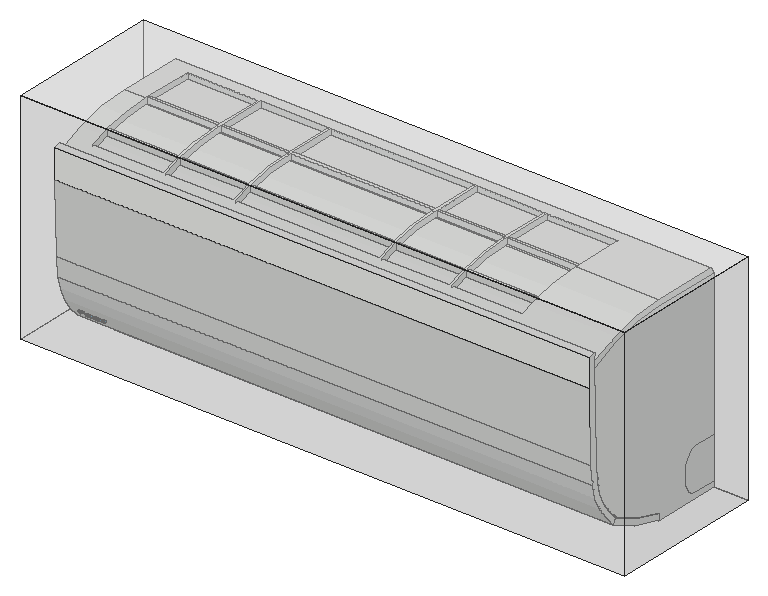
Revit family "outputfile", category 機械設備, Revit 2024
Family settings
  丸型コネクタ寸法 = 半径を使用
  パーツ タイプ = 標準
  OmniClass 番号 = 23.75.10.24.21.27.27
  OmniClass タイトル = Split System Air Conditioning Units
  作業面ベース = いいえ
  常に垂直 = はい
  ロード時にボイドで切り取り = いいえ
  注釈の向きを維持 = いいえ
  共有 = いいえ
  部屋計算ポイント = いいえ
Parameters (values of type "FTXF35WVMA")
  Description = ""
  書き出し IFC クラス(タイプ) = "IfcUnitaryEquipmentType"
  定義済み IFC タイプ(タイプ) = "AIRCONDITIONINGUNIT"
  Cost = 0
  Type Comments = ""
  Keynote = ""
  Type Image = (empty or 0)
  Assembly Code = ""
  w_wall hole = if(Width = 770.0 mm, 48.0 mm, 60.0 mm)  # 48.0 mm
  製造元 = "Daikin"
  モデル = "FTXF35WVMA"
  switch_frequency = yes
  r_Liquid Pipe Size = Liquid Pipe Size / 2  # 3.2 mm
  r_Gas Pipe Size = Gas Pipe Size / 2  # 4.75 mm
  r_Drain Pipe Size = Drain Pipe Size / 2  # 8.0 mm
  lw_powersupply [instance] = if(Width = 770.0 mm, if(or(Rear Right Connection_refrigerant, Bottom Right Connection_refrigerant), 25.0 mm, if(or(Rear Left Connection_refrigerant, Bottom Left Connection_refrigerant), 745.0 mm, 400.0 mm)), if(Width = 990.0 mm, if(or(Rear Right Connection_refrigerant, Bottom Right Connection_refrigerant), 40.0 mm, if(or(Rear Left Connection_refrigerant, Bottom Left Connection_refrigerant), 920.0 mm, 400.0 mm)), if(or(Rear Right Connection_refrigerant, Bottom Right Connection_refrigerant), 40.0 mm, if(or(Rear Left Connection_refrigerant, Bottom Left Connection_refrigerant), 920.0 mm, 400.0 mm))))  # 400.0 mm
  lw_liquidpipe [instance] = if(Width = 770.0 mm, if(or(Rear Right Connection_refrigerant, Bottom Right Connection_refrigerant), 0.0 mm, if(or(Rear Left Connection_refrigerant, Bottom Left Connection_refrigerant), 664.0 mm, 385.0 mm)), if(Width = 990.0 mm, if(or(Rear Right Connection_refrigerant, Bottom Right Connection_refrigerant), 0.0 mm, if(or(Rear Left Connection_refrigerant, Bottom Left Connection_refrigerant), 664.0 mm + (990.0 mm - 770.0 mm), 475.0 mm)), if(or(Rear Right Connection_refrigerant, Bottom Right Connection_refrigerant), 0.0 mm, if(or(Rear Left Connection_refrigerant, Bottom Left Connection_refrigerant), 664.0 mm + (990.0 mm - 770.0 mm), 475.0 mm))))  # 385.0 mm
  lw_gaspipe [instance] = if(Width = 770.0 mm, if(or(Rear Right Connection_refrigerant, Bottom Right Connection_refrigerant), 0.0 mm, if(or(Rear Left Connection_refrigerant, Bottom Left Connection_refrigerant), 675.0 mm, if(Gas Pipe Size = 12.7 mm, 335.0 mm, 335.0 mm))), if(Width = 990.0 mm, if(or(Rear Right Connection_refrigerant, Bottom Right Connection_refrigerant), 10.0 mm, if(or(Rear Left Connection_refrigerant, Bottom Left Connection_refrigerant), 890.0 mm, if(Gas Pipe Size = 15.9 mm, 400.0 mm, 400.0 mm))), if(or(Rear Right Connection_refrigerant, Bottom Right Connection_refrigerant), 10.0 mm, if(or(Rear Left Connection_refrigerant, Bottom Left Connection_refrigerant), 890.0 mm, if(Gas Pipe Size = 15.9 mm, 400.0 mm, 400.0 mm)))))  # 335.0 mm
  lw_drainpipe [instance] = if(Width = 770.0 mm, if(or(Rear Right Connection_refrigerant, Bottom Right Connection_refrigerant), 0.0 mm, if(or(Rear Left Connection_refrigerant, Bottom Left Connection_refrigerant), 770.0 mm - 48.0 mm - 48.0 mm, 440.0 mm)), if(Width = 990.0 mm, if(or(Rear Right Connection_refrigerant, Bottom Right Connection_refrigerant), 0.0 mm, if(or(Rear Left Connection_refrigerant, Bottom Left Connection_refrigerant), 675.0 mm + (990.0 mm - 770.0 mm), 435.0 mm)), if(or(Rear Right Connection_refrigerant, Bottom Right Connection_refrigerant), 0.0 mm, if(or(Rear Left Connection_refrigerant, Bottom Left Connection_refrigerant), 675.0 mm + (990.0 mm - 770.0 mm), 435.0 mm))))  # 440.0 mm
  l_powersupply_length [instance] = if(Width = 770.0 mm, if(Right Connection_refrigerant, 400.0 mm, if(Left Connection_refrigerant, 770.0 mm - 400.0 mm, if(or(Rear Left Connection_refrigerant, Rear Right Connection_refrigerant), 15.0 mm, 50.0 mm))), if(Width = 990.0 mm, if(Right Connection_refrigerant, 400.0 mm, if(Left Connection_refrigerant, 990.0 mm - 400.0 mm, if(or(Rear Left Connection_refrigerant, Rear Right Connection_refrigerant), 15.0 mm, 50.0 mm))), if(Right Connection_refrigerant, 400.0 mm, if(Left Connection_refrigerant, 990.0 mm - 400.0 mm, if(or(Rear Left Connection_refrigerant, Rear Right Connection_refrigerant), 15.0 mm, 50.0 mm)))))  # 400.0 mm
  l_liquidpipe_length [instance] = if(Width = 770.0 mm, if(Right Connection_refrigerant, 433.0 mm, if(Left Connection_refrigerant, 337.0 mm, if(or(Rear Left Connection_refrigerant, Rear Right Connection_refrigerant), 30.0 mm, 40.0 mm))), if(Width = 990.0 mm, if(Right Connection_refrigerant, 535.0 mm, if(Left Connection_refrigerant, 455.0 mm, if(or(Rear Left Connection_refrigerant, Rear Right Connection_refrigerant), 30.0 mm, 40.0 mm))), if(Right Connection_refrigerant, 535.0 mm, if(Left Connection_refrigerant, 455.0 mm, if(or(Rear Left Connection_refrigerant, Rear Right Connection_refrigerant), 30.0 mm, 40.0 mm)))))  # 433.0 mm
  l_gaspipe_length [instance] = if(Width = 770.0 mm, if(Right Connection_refrigerant, if(Gas Pipe Size = 12.7 mm, 383.0 mm, 383.0 mm), if(Left Connection_refrigerant, if(Gas Pipe Size = 12.7 mm, 770.0 mm - 383.0 mm, 770.0 mm - 383.0 mm), if(or(Rear Left Connection_refrigerant, Rear Right Connection_refrigerant), 40.0 mm, 50.0 mm))), if(Width = 990.0 mm, if(Right Connection_refrigerant, if(Gas Pipe Size = 15.9 mm, 460.0 mm, 460.0 mm), if(Left Connection_refrigerant, if(Gas Pipe Size = 15.9 mm, 990.0 mm - 460.0 mm, 990.0 mm - 460.0 mm), if(or(Rear Left Connection_refrigerant, Rear Right Connection_refrigerant), 40.0 mm, 50.0 mm))), if(Right Connection_refrigerant, if(Gas Pipe Size = 15.9 mm, 460.0 mm, 460.0 mm), if(Left Connection_refrigerant, if(Gas Pipe Size = 15.9 mm, 990.0 mm - 460.0 mm, 990.0 mm - 460.0 mm), if(or(Rear Left Connection_refrigerant, Rear Right Connection_refrigerant), 40.0 mm, 50.0 mm)))))  # 383.0 mm
  l_drainpipe_length [instance] = if(Width = 770.0 mm, if(Right Connection_refrigerant, 488.0 mm, if(Left Connection_refrigerant, 282.0 mm, if(or(Rear Left Connection_refrigerant, Rear Right Connection_refrigerant), 15.0 mm, 20.0 mm))), if(Width = 990.0 mm, if(Right Connection_refrigerant, 495.0 mm, if(Left Connection_refrigerant, 495.0 mm, if(or(Rear Left Connection_refrigerant, Rear Right Connection_refrigerant), 15.0 mm, 20.0 mm))), if(Right Connection_refrigerant, 495.0 mm, if(Left Connection_refrigerant, 495.0 mm, if(or(Rear Left Connection_refrigerant, Rear Right Connection_refrigerant), 15.0 mm, 20.0 mm)))))  # 488.0 mm
  h*** = 0.0 mm  # constant formula
  connector_voltage = Voltage_50Hz  # 230 V
  connector_powerinput = if([Power Input (Cooling)] > [Power Input (Heating)], [Power Input (Cooling)], [Power Input (Heating)])  # 0.000 kW
  connector_phase = Phase_50Hz  # 1
  angle_vertical [instance] = if(or(Bottom Left Connection_refrigerant, Bottom Right Connection_refrigerant), 0.00°, 90.00°)  # 90.00°
  angle_horizontal [instance] = if(Right Connection_refrigerant, 90.00°, if(Left Connection_refrigerant, -90.00°, if(or(Rear Left Connection_refrigerant, Rear Right Connection_refrigerant), 180.00°, 0.00°)))  # 90.00°
  Width = 770.0 mm
  Voltage_comment_50Hz = "220 - 240"
  Voltage_50Hz = 230 V
  Version = "ver.1.0"
  Unit Type = "Wall Mounted"
  Unit Mass Weight = 9.00 kg
  Unit Designation [instance] = ""
  Uniclass2015Version = "Products v1.30"
  Uniclass2015Title = "Split coil room air conditioning units"
  Uniclass2015Code = "Pr_70_65_03_86"
  URL = ""
  Total Heating Capacity [instance] = 0.000 kW
  Total Cooling Capacity [instance] = 0.000 kW
  Sound Pressure Level_M speed (dBA) = 35
  Sound Pressure Level_L speed (dBA) = 28
  Sound Pressure Level_H speed (dBA) = 42
  Sound Power Level_H speed (dB) = 0
  Series = "Single Split_Fan Coil Unit"
  Sensible Cooling Capacity [instance] = 0.000 kW
  Refrigerant Type = "R32"
  Power Input (Heating) = 0.000 kW
  Power Input (Cooling) = 0.000 kW
  Phase_50Hz = 1
  Option Accessory 3 [instance] = ""
  Option Accessory 2 [instance] = ""
  Option Accessory 1 [instance] = ""
  Nominal Heating Capacity = 3.700 kW
  Nominal Cooling Capacity = 3.500 kW
  Minimum Circuit Amps_50Hz = 0.0 A
  Minimum Airflow = 342.00 m³/h
  Median Airflow = 456.00 m³/h
  Maximum Fuse Amps_50Hz = 0.0 A
  Maximum Airflow = 624.00 m³/h
  Material_Casing = DAIKIN_PureWhite_Casing_indoorunit
  Load Classification = HVAC
  Liquid Pipe Size = 6.4 mm
  Link_Nested Family [instance] = ""
  IfcVersion = ""
  IfcExportType = "AIRCONDITIONINGUNIT"
  IfcExportAs = "IfcUnitaryEquipmentType"
  Height = 285.0 mm
  Heating Entering Wet Bulb Temperature [instance] = 0.00 °C
  Heating Entering Dry Bulb Temperature [instance] = 0.00 °C
  Heating Ambient Wet Bulb Temperature [instance] = 0.00 °C
  Heating Ambient Dry Bulb Temperature [instance] = 0.00 °C
  Heat Exchanger Type = "Cross Fin Coil"
  Gas Pipe Size = 9.5 mm
  Frequency_50Hz = 50 Hz
  Fan Type = "Cross Flow Fan"
  Fan Drive = "Direct Drive"
  FCU Tag No. [instance] = ""
  Drain Pipe Size = 16.0 mm
  Design Supply Airflow [instance] = 0.00 m³/h
  Depth = 223.0 mm
  既定の高さ = 0.0 mm
  Cooling Entering Wet Bulb Temperature [instance] = 0.00 °C
  Cooling Entering Dry Bulb Temperature [instance] = 0.00 °C
  Cooling Ambient Wet Bulb Temperature [instance] = 0.00 °C
  Cooling Ambient Dry Bulb Temperature [instance] = 0.00 °C
  Clearance visibility [instance] = yes
  Clearance Top = 30.0 mm
  Clearance Right = 50.0 mm
  Clearance Rear = 0.0 mm
  Clearance Left = 50.0 mm
  Clearance Front = 0.0 mm
  Clearance Bottom = 0.0 mm
  Bottom Right Connection_refrigerant [instance] = no
  Bottom Left Connection_refrigerant [instance] = no
  Rear Right Connection_refrigerant [instance] = no
  Rear Left Connection_refrigerant [instance] = no
  Right Connection_refrigerant [instance] = yes
  Left Connection_refrigerant [instance] = no
Reference planes
  plane 1 "Back": y = 0
  plane 2: z = 0
  plane 3 "Center (Left/Right)": x = 0
  plane 4 "Center (Front/Back)": y = -111.5
  plane 5 "Front": y = -223
  plane 6 "Left": x = -385
  plane 7 "Right": x = 385
  plane 8 "Top": z = 0
  plane 9 "Bottom": z = -285
  plane 10: x = -435
  plane 11: x = 435
  plane 12: y = 0
  plane 13: y = -223
  plane 14: z = 30
  plane 15: z = -285
  plane 16 "lw_Piping and Wiring intake": x = 337
  plane 17 "lw_gaspipe": x = 2
  plane 18 "lw_liquidpipe": x = -48
  plane 19 "lw_drainpipe": x = -103
  plane 20 "lh_drainpipe": z = -265
  plane 21 "lh_liquidpipe": z = -245
  plane 22 "lh_gaspipe": z = -235
  plane 23 "ld_drainpipe": y = -15
  plane 24 "ld_liquidpipe": y = -30
  plane 25 "ld_gaspipe": y = -40
  plane 26 "lw_powersupply": x = -15
Dimensions and locks
  equal spacing: plane 6 "Left", plane 3 "Center (Left/Right)", plane 7 "Right"
  "Width": plane 6 "Left" to plane 7 "Right"
  equal spacing: plane 5 "Front", plane 4 "Center (Front/Back)", plane 1 "Back"
  "Depth": plane 5 "Front" to plane 1 "Back"
  "Height": plane 8 "Top" to plane 9 "Bottom"
  "Clearance Rear": plane 12 to plane 1 "Back"
  "Clearance Front": plane 13 to plane 5 "Front"
  "Clearance Top": plane 14 to plane 8 "Top"
  "Clearance Bottom": plane 9 "Bottom" to plane 15
  "w_wall hole": plane 16 "lw_Piping and Wiring intake" to plane 7 "Right"
  "lw_gaspipe": plane 17 "lw_gaspipe" to plane 16 "lw_Piping and Wiring intake"
  "lw_liquidpipe": plane 18 "lw_liquidpipe" to plane 16 "lw_Piping and Wiring intake"
  "lw_drainpipe": plane 19 "lw_drainpipe" to plane 16 "lw_Piping and Wiring intake"
  locked: plane 20 "lh_drainpipe" to plane 9 "Bottom" at 20
  locked: plane 21 "lh_liquidpipe" to plane 9 "Bottom" at 40
  locked: plane 22 "lh_gaspipe" to plane 9 "Bottom" at 50
  locked: plane 23 "ld_drainpipe" to plane 1 "Back" at 15
  locked: plane 1 "Back" to plane 24 "ld_liquidpipe" at 30
  locked: plane 1 "Back" to plane 25 "ld_gaspipe" at 40
  "lw_powersupply": plane 26 "lw_powersupply" to plane 7 "Right"
  "Clearance Left": plane 10 to plane 6 "Left"
  "Clearance Right": plane 7 "Right" to plane 11
  aligned and locked: level to plane 2
  aligned and locked: plane 12 to nested 1
  aligned and locked: nested 1 to plane 13
  aligned and locked: plane 10 to nested 1
  aligned and locked: plane 11 to nested 1
  aligned and locked: plane 15 to nested 1
  aligned and locked: plane 14 to nested 1
  aligned and locked: plane 17 "lw_gaspipe" to nested 2
  aligned and locked: nested 2 to plane 25 "ld_gaspipe"
  aligned and locked: plane 18 "lw_liquidpipe" to nested 3
  aligned and locked: nested 3 to plane 24 "ld_liquidpipe"
  aligned and locked: plane 19 "lw_drainpipe" to nested 4
  aligned and locked: nested 4 to plane 23 "ld_drainpipe"
  aligned and locked: nested 5 to plane 23 "ld_drainpipe"
  aligned and locked: plane 26 "lw_powersupply" to nested 5
  aligned and locked: level to plane 8 "Top"
  aligned and locked: plane 3 "Center (Left/Right)" to nested 6
  aligned and locked: plane 1 "Back" to nested 6
  aligned and locked: plane 8 "Top" to nested 6
Nested families
  nested 1: "daikin_clearancespace" at (0, -111.5, -127.381), show <- "Clearance visibility", visible <- "Clearance visibility", Link_Nested Family <- "Link_Nested Family", type "daikin_clearancespace"
    with width 870.0 mm, show yes, height 315.0 mm, depth 223.0 mm, Link_Nested Family ""
  nested 2: "daikin_connector_rotate3" at (2, -40, -235), angle_vertical <- "angle_vertical", angle_horizontal <- "angle_horizontal", length <- "l_gaspipe_length", radius <- "r_Gas Pipe Size", type "daikin_connector_rotate3"
    with show no, radius 4.75 mm, length 383.0 mm, angle_vertical 90.00°, angle_horizontal 90.00°
  nested 3: "daikin_connector_rotate3" at (-48, -30, -245), angle_vertical <- "angle_vertical", angle_horizontal <- "angle_horizontal", radius <- "r_Liquid Pipe Size", length <- "l_liquidpipe_length", type "daikin_connector_rotate3"
    with show no, radius 3.2 mm, length 433.0 mm, angle_vertical 90.00°, angle_horizontal 90.00°
  nested 4: "daikin_connector_rotate3" at (-103, -15, -265), angle_vertical <- "angle_vertical", angle_horizontal <- "angle_horizontal", length <- "l_drainpipe_length", radius <- "r_Drain Pipe Size", type "daikin_connector_rotate3"
    with show no, radius 8.0 mm, length 488.0 mm, angle_vertical 90.00°, angle_horizontal 90.00°
  nested 5: "daikin_connector_rotate3" at (-15, -15, -235), angle_vertical <- "angle_vertical", angle_horizontal <- "angle_horizontal", length <- "l_powersupply_length", type "daikin_connector_rotate3"
    with show no, radius 10.0 mm, length 400.0 mm, angle_vertical 90.00°, angle_horizontal 90.00°
  nested 6: "DAIKIN_indoorunit_FTXF-WVMA" at (-31, 0, 0), type "FTXF-WVMA"
Connectors
  piping at (385, -40, -235), diameter 9.5, driven by "r_Gas Pipe Size"
    settings: on nested 2, index 1, connector inside diameter 609.6 mm, connector length 0.0 mm, flow factor 0, pipe flow 0.00 m³/h, pressure drop 0.0 Pa, fitting loss kfactor 0, connector angle 0.00°, fixture units 0, engagement length 0.0 mm, angle of deflection 0.00°, flow configuration 1, flow direction 2, fitting loss method 0, system type 29, joint type 0, gender type 0, connector reference index -1, connector utility 0, adjustable connector no, is connector primary yes, connector description "Refrigerant Gas Piping"
  piping at (385, -30, -245), diameter 6.4, driven by "r_Liquid Pipe Size"
    settings: on nested 3, index 2, connector inside diameter 609.6 mm, connector length 0.0 mm, flow factor 0, pipe flow 0.00 m³/h, pressure drop 0.0 Pa, fitting loss kfactor 0, connector angle 0.00°, fixture units 0, engagement length 0.0 mm, angle of deflection 0.00°, flow configuration 1, flow direction 1, fitting loss method 0, system type 29, joint type 0, gender type 0, connector reference index -1, connector utility 0, adjustable connector no, is connector primary no, connector description "Refrigerant Liquid Piping"
  piping at (385, -15, -265), diameter 16, driven by "r_Drain Pipe Size"
    settings: on nested 4, index 3, connector inside diameter 609.6 mm, connector length 0.0 mm, flow factor 0, pipe flow 0.00 m³/h, pressure drop 0.0 Pa, fitting loss kfactor 0, connector angle 0.00°, fixture units 0, engagement length 0.0 mm, angle of deflection 0.00°, flow configuration 1, flow direction 2, fitting loss method 4, system type 16, joint type 0, gender type 0, connector reference index -1, connector utility 0, adjustable connector no, is connector primary no, connector description "Condensate Drain Piping"
  electrical at (385, -15, -235), driven by "Load Classification", driven by "connector_voltage", driven by "connector_powerinput", driven by "connector_phase"
    settings: on nested 5, index 4, voltage 230 V, apparent load 0 VA, apparent load phase1 0 VA, apparent load phase2 0 VA, apparent load phase3 0 VA, power factor 1, load classification "HVAC", number of poles 1, system type 30, power factor state 1, is connector primary yes, connector utility no, sub classification motor no, connector description "Power Supply"
Definition of nested family "daikin_clearancespace"
  Parameters (values of type "daikin_clearancespace")
    Description = "daikin_clearancespace"
    width [instance] = 1823.963 mm
    show [instance] = yes
    material = none
    height [instance] = 1359.762 mm
    depth [instance] = 880.0 mm
    Default Elevation = 0.0 mm
    Link_Nested Family [instance] = ""
  Reference planes
    plane 1 "Center (Front/Back)": y = 0
    plane 2 "Center (Elevation)": z = -0.119
    plane 3 "Center (Left/Right)": x = 0
    plane 4: y = 440
    plane 5: y = -440
    plane 6 "Right": x = 911.982
    plane 7 "Left": x = -911.982
    plane 8 "Top": z = 679.762
    plane 9 "Bottom": z = -680
  Forms (mm)
    Extrusion 1, solid, material <- "material", visible <- "show"
      sketch origin (0, 0, 0) x (1, 0, 0) y (0, 1, 0)
        loop
          line (-911.982, 440) -> (-911.982, -440) -> (911.982, -440) -> (911.982, 440) -> (-911.982, 440)
      from -680 to 679.762
  Lines and regions (mm)
    symbolic lines, visible <- "show"
      curve 1: line (911.982, 440, 0) -> (-911.982, 440, 0)
      curve 2: line (-911.982, 440, 0) -> (-911.982, -440, 0)
      curve 3: line (-911.982, -440, 0) -> (911.982, -440, 0)
      curve 4: line (911.982, -440, 0) -> (911.982, 440, 0)
      curve 5: line (911.982, 0, 679.762) -> (-911.982, 0, 679.762)
      curve 6: line (911.982, 0, -680) -> (911.982, 0, 679.762)
      curve 7: line (-911.982, 0, -680) -> (911.982, 0, -680)
      curve 8: line (-911.982, 0, 679.762) -> (-911.982, 0, -680)
      curve 9: line (0, 440, 679.762) -> (0, -440, 679.762)
      curve 10: line (0, -440, 679.762) -> (0, -440, -680)
      curve 11: line (0, 440, -680) -> (0, 440, 679.762)
      curve 12: line (0, -440, -680) -> (0, 440, -680)
  Dimensions and locks
    "width": plane 7 "Left" to plane 6 "Right"
    "depth": plane 4 to plane 5
    "height": plane 8 "Top" to plane 9 "Bottom"
    equal spacing: plane 7 "Left", plane 3 "Center (Left/Right)", plane 6 "Right"
    equal spacing: plane 4, plane 1 "Center (Front/Back)", plane 5
    equal spacing: plane 8 "Top", plane 2 "Center (Elevation)", plane 9 "Bottom"
    aligned and locked: level to plane 2 "Center (Elevation)"
    aligned and locked: Extrusion 1 sketch curve to plane 4
    aligned and locked: plane 7 "Left" to Extrusion 1 sketch curve
    aligned and locked: Extrusion 1 sketch curve to plane 5
    aligned and locked: Extrusion 1 sketch curve to plane 6 "Right"
    aligned and locked: plane 8 "Top" to Extrusion 1
    aligned and locked: curve 1 to Extrusion 1
    aligned and locked: curve 2 to Extrusion 1
    aligned and locked: curve 3 to Extrusion 1
    aligned and locked: curve 4 to Extrusion 1
    aligned and locked: curve 5 to Extrusion 1
    aligned and locked: curve 6 to Extrusion 1
    aligned and locked: curve 7 to Extrusion 1
    aligned and locked: curve 8 to Extrusion 1
    aligned and locked: curve 9 to Extrusion 1
    aligned and locked: curve 10 to Extrusion 1
    aligned and locked: curve 11 to Extrusion 1
    aligned and locked: curve 12 to Extrusion 1
    aligned and locked: Extrusion 1 to plane 9 "Bottom"
Definition of nested family "DAIKIN_indoorunit_FTXF-WVMA"
  Parameters (values of type "FTKF-TVMA")
    switch_unit1_60-71 = Width = 990.0 mm  # no
    switch_unit1_20-50 = Width = 770.0 mm  # yes
    Width = 770.0 mm
    WALL HOLE-R = if(Width = 770.0 mm, 48.0 mm, 60.0 mm)  # 48.0 mm
    WALL HOLE Size = if(Width = 770.0 mm, 65.0 mm, 80.0 mm)  # 65.0 mm
    Material_Casing = none
    Height = if(Width = 770.0 mm, 285.0 mm, 295.0 mm)  # 285.0 mm
    Default Elevation = 0.0 mm
  Reference planes
    plane 1 "Center (Front/Back)": y = 0
    plane 2 "reference_level": z = 0
    plane 3 "Center (Left/Right)": x = 31
    plane 4: x = -354
    plane 5: x = 416
    plane 6: z = -285
  Forms (mm)
    Extrusion 1, solid, material <- "Material_Casing", visible <- "switch_unit1_20-50"
      sketch origin (29, 0, 0) x (0, 1, 0) y (0, 0, 1)
        loop
          line (-5, 0) -> (-98, 0)
          arc (-98, 0) -> (-157.611, -7.211) -> (-213.783, -28.427) r 250
          arc (-213.783, -28.427) -> (-213.842, -32.972) -> (-213.892, -37.516) r 2191
          arc (-213.892, -37.516) -> (-157.832, -15.495) -> (-98.07, -8) r 242
          line (-98.07, -8) -> (0, -8) -> (-5, 0)
      from -383 to 387
    Extrusion 2, solid, material <- "Material_Casing", visible <- "switch_unit1_20-50"
      sketch origin (416, 1296.25, 1200) x (0, 1, 0) y (0, 0, 1)
        loop
          line (-1472.998, -1446.91) -> (-1476.998, -1453.839)
          arc (-1476.998, -1453.839) -> (-1437.481, -1472.422) -> (-1395.25, -1483.538) r 240
          line (-1395.25, -1483.538) -> (-1395.25, -1475.422)
          arc (-1395.25, -1475.422) -> (-1435.407, -1464.663) -> (-1472.998, -1446.91) r 232
      from 0 to -47.5
    Extrusion 3, solid, material <- "Material_Casing", visible <- "switch_unit1_20-50"
      sketch origin (29, 0, 0) x (0, 1, 0) y (0, 0, 1)
        loop
          arc (-223, -60.455) -> (-222.414, -110.646) -> (-220.656, -160.81) r 2149.92
          arc (-220.656, -160.81) -> (-219.65, -174.299) -> (-217.853, -187.706) r 229.911
          arc (-217.853, -187.706) -> (-205.371, -223.594) -> (-181.517, -253.17) r 111
          line (-181.517, -253.17) -> (-177.429, -246.093)
          arc (-177.429, -246.093) -> (-198.77, -218.989) -> (-209.965, -186.36) r 103
          arc (-209.965, -186.36) -> (-211.681, -173.586) -> (-212.651, -160.735) r 221.844
          arc (-212.651, -160.735) -> (-214.739, -93.233) -> (-214.74, -25.699) r 2186.828
          arc (-214.74, -25.699) -> (-214.671, -21.467) -> (-214.594, -17.235) r 2192
          line (-214.594, -17.235) -> (-223, -19.961) -> (-223, -60.455)
      from -383 to 387
    Extrusion 4, solid, material <- "Material_Casing", visible <- "switch_unit1_20-50"
      sketch origin (29, 0, -20) x (0, 1, 0) y (0, 0, 1)
        loop
          line (0, -265) -> (0, 12) -> (-98.07, 12)
          arc (-98.07, 12) -> (-157.832, 4.505) -> (-213.892, -17.516) r 242
          arc (-213.892, -17.516) -> (-213.638, -79.114) -> (-211.653, -140.681) r 2191
          arc (-211.653, -140.681) -> (-210.685, -153.501) -> (-208.973, -166.243) r 221
          arc (-208.973, -166.243) -> (-197.471, -199.282) -> (-175.482, -226.491) r 102
          arc (-175.482, -226.491) -> (-138.004, -244.019) -> (-98, -254.579) r 231
          line (-98, -254.579) -> (-98, -265) -> (0, -265)
      from -383 to 387
    Extrusion 5, solid, material <- "Material_Casing", visible <- "switch_unit1_20-50"
      sketch origin (-354, 1296.25, 1200) x (0, 1, 0) y (0, 0, 1)
        loop
          line (-1472.998, -1446.91) -> (-1476.998, -1453.839)
          arc (-1476.998, -1453.839) -> (-1437.481, -1472.422) -> (-1395.25, -1483.538) r 240
          line (-1395.25, -1483.538) -> (-1395.25, -1475.422)
          arc (-1395.25, -1475.422) -> (-1435.407, -1464.663) -> (-1472.998, -1446.91) r 232
      from 47 to 0
    Extrusion 6, solid, material <- "Material_Casing", visible <- "switch_unit1_20-50"
      sketch origin (416, 1296.25, 1200) x (0, 1, 0) y (0, 0, 1)
        loop
          line (-1472.998, -1446.91) -> (-1476.998, -1453.839)
          arc (-1476.998, -1453.839) -> (-1443.437, -1470.168) -> (-1407.75, -1481.097) r 240
          line (-1407.75, -1481.097) -> (-1407.75, -1472.894)
          arc (-1407.75, -1472.894) -> (-1441.363, -1462.385) -> (-1472.998, -1446.91) r 232
      from -116.993 to -48.493
    Extrusion 7, solid, material <- "Material_Casing", visible <- "switch_unit1_20-50"
      sketch origin (416, 1296.25, 1200) x (0, 1, 0) y (0, 0, 1)
        loop
          line (-1472.998, -1446.91) -> (-1476.998, -1453.839)
          arc (-1476.998, -1453.839) -> (-1443.437, -1470.168) -> (-1407.75, -1481.097) r 240
          line (-1407.75, -1481.097) -> (-1407.75, -1472.894)
          arc (-1407.75, -1472.894) -> (-1441.363, -1462.385) -> (-1472.998, -1446.91) r 232
      from -717 to -121.993
    Extrusion 8, void
      sketch origin (31, 0, -235) x (1, 0, 0) y (0, 1, 0)
        loop
          line (-252.674, -22.316) -> (-354.941, -22.316) -> (-354.941, -91.341) -> (-252.674, -91.341) -> (-252.674, -22.316)
        loop
          line (-249.341, -91.341) -> (-151.574, -91.341) -> (-151.574, -22.316) -> (-249.341, -22.316) -> (-249.341, -91.341)
        loop
          line (58.309, -22.316) -> (-148.309, -22.316) -> (-148.309, -91.341) -> (58.309, -91.341) -> (58.309, -22.316)
        loop
          line (61.689, -22.316) -> (61.689, -91.341) -> (159.457, -91.341) -> (159.457, -22.316) -> (61.689, -22.316)
        loop
          line (162.789, -22.316) -> (162.789, -91.341) -> (265.057, -91.341) -> (265.057, -22.316) -> (162.789, -22.316)
        loop
          line (-354.941, -94.659) -> (-354.941, -165.259) -> (-252.674, -165.259) -> (-252.674, -94.659) -> (-354.941, -94.659)
        loop
          line (-249.341, -94.659) -> (-249.341, -165.259) -> (-151.574, -165.259) -> (-151.574, -94.659) -> (-249.341, -94.659)
        loop
          line (-148.309, -94.659) -> (-148.309, -165.259) -> (58.309, -165.259) -> (58.309, -94.659) -> (-148.309, -94.659)
        loop
          line (61.689, -94.659) -> (61.689, -165.259) -> (159.457, -165.259) -> (159.457, -94.659) -> (61.689, -94.659)
        loop
          line (162.789, -94.659) -> (162.789, -165.259) -> (265.057, -165.259) -> (265.057, -94.659) -> (162.789, -94.659)
        loop
          line (-354.941, -167.382) -> (-354.941, -192.681) -> (-252.674, -192.681) -> (-252.674, -167.382) -> (-354.941, -167.382)
        loop
          line (-249.341, -167.382) -> (-249.341, -192.681) -> (-151.574, -192.681) -> (-151.574, -167.382) -> (-249.341, -167.382)
        loop
          line (-148.309, -167.382) -> (-148.309, -192.681) -> (58.309, -192.681) -> (58.309, -167.382) -> (-148.309, -167.382)
        loop
          line (159.457, -167.382) -> (61.689, -167.382) -> (61.689, -192.681) -> (159.457, -192.681) -> (159.457, -167.382)
        loop
          line (265.057, -167.382) -> (162.789, -167.382) -> (162.789, -192.681) -> (265.057, -192.681) -> (265.057, -167.382)
      from 201.638 to 250
    Extrusion 9, solid, material <- "Material_Casing"
      sketch origin (31, 0, 0) x (1, 0, 0) y (0, 0, 1)
        loop
          circle (337, -240.5) r 32.5
        loop
          circle (-337, -240.5) r 32.5
      from 0 to 5
    Extrusion 10, solid, material <- "Material_Casing", visible <- "switch_unit1_20-50"
      sketch origin (416, 1296.25, 1200) x (0, -1, 0) y (0, 0, 1)
        loop
          line (1326.25, -1417) -> (1296.25, -1417) -> (1296.25, -1477) -> (1326.25, -1477)
          arc (1326.25, -1477) -> (1340.393, -1471.142) -> (1346.25, -1457) r 20
          line (1346.25, -1457) -> (1346.25, -1437)
          arc (1346.25, -1437) -> (1340.393, -1422.858) -> (1326.25, -1417) r 20
      from 0 to 5
    Extrusion 11, solid, material <- "Material_Casing", visible <- "switch_unit1_20-50"
      sketch origin (-354, 1296.25, 1200) x (0, 1, 0) y (0, 0, 1)
        loop
          line (-1296.25, -1417) -> (-1326.25, -1417)
          arc (-1326.25, -1417) -> (-1340.393, -1422.858) -> (-1346.25, -1437) r 20
          line (-1346.25, -1437) -> (-1346.25, -1457)
          arc (-1346.25, -1457) -> (-1340.393, -1471.142) -> (-1326.25, -1477) r 20
          line (-1326.25, -1477) -> (-1296.25, -1477) -> (-1296.25, -1417)
      from 0 to 5
    Extrusion 12, solid, material <- "Material_Casing", visible <- "switch_unit1_20-50"
      sketch origin (31, 0, -285) x (-1, 0, 0) y (0, -1, 0)
        loop
          line (-314, 0) -> (-314, 30)
          arc (-314, 30) -> (-319.858, 44.142) -> (-334, 50) r 20
          line (-334, 50) -> (-354, 50)
          arc (-354, 50) -> (-368.142, 44.142) -> (-374, 30) r 20
          line (-374, 30) -> (-374, 0) -> (-314, 0)
        loop
          line (374, 0) -> (374, 30)
          arc (374, 30) -> (368.142, 44.142) -> (354, 50) r 20
          line (354, 50) -> (334, 50)
          arc (334, 50) -> (319.858, 44.142) -> (314, 30) r 20
          line (314, 30) -> (314, 0) -> (374, 0)
      from 0 to 5
    Extrusion 13, solid, material <- "Material_Casing", visible <- "switch_unit1_60-71"
      sketch origin (31, 0, 0) x (0, 1, 0) y (0, 0, 1)
        loop
          line (-5, 0) -> (-138, 0)
          arc (-138, 0) -> (-197.611, -7.211) -> (-253.783, -28.427) r 250
          arc (-253.783, -28.427) -> (-253.838, -32.687) -> (-253.886, -36.946) r 2191
          arc (-253.886, -36.946) -> (-197.73, -15.346) -> (-138.014, -8) r 246.393
          line (-138.014, -8) -> (0, -8) -> (-5, 0)
      from -495 to 495
    Extrusion 14, solid, material <- "Material_Casing", visible <- "switch_unit1_60-71"
      sketch origin (418, 1296.25, 1200) x (0, 1, 0) y (0, 0, 1)
        loop
          arc (-1515.208, -1454.149) -> (-1506.856, -1460.599) -> (-1497.925, -1466.219) r 110
          arc (-1497.925, -1466.219) -> (-1445.718, -1487.493) -> (-1389.844, -1494.995) r 223
          line (-1389.844, -1494.995) -> (-1389.844, -1486.086) -> (-1404.386, -1486.086)
          arc (-1404.386, -1486.086) -> (-1449.542, -1477.46) -> (-1491.818, -1459.402) r 214.289
          arc (-1491.818, -1459.402) -> (-1501.056, -1453.541) -> (-1509.606, -1446.715) r 101
          line (-1509.606, -1446.715) -> (-1515.208, -1454.149)
      from 108 to 57.5
    Extrusion 15, solid, material <- "Material_Casing", visible <- "switch_unit1_60-71"
      sketch origin (31, 0, 0) x (0, 1, 0) y (0, 0, 1)
        loop
          line (-263, -19.962) -> (-263, -61.6)
          arc (-263, -61.6) -> (-262.414, -110.219) -> (-260.656, -158.81) r 2017.341
          arc (-260.656, -158.81) -> (-255.648, -191.935) -> (-244.041, -223.362) r 164.725
          arc (-244.041, -223.362) -> (-233.569, -239.793) -> (-219.717, -253.495) r 87.379
          line (-219.717, -253.495) -> (-214.706, -246.846)
          arc (-214.706, -246.846) -> (-229.564, -230.029) -> (-240.385, -210.371) r 102
          arc (-240.385, -210.371) -> (-249.049, -182.962) -> (-252.848, -154.467) r 165.789
          arc (-252.848, -154.467) -> (-254.771, -90.102) -> (-254.74, -25.708) r 2122.533
          arc (-254.74, -25.708) -> (-254.671, -21.469) -> (-254.594, -17.23) r 2192
          line (-254.594, -17.23) -> (-263, -19.962)
      from -495 to 495
    Extrusion 16, void
      sketch origin (33, 0, 0) x (1, 0, 0) y (0, 1, 0)
        loop
          line (-466.909, -22.316) -> (-466.909, -111.341) -> (-366.303, -111.341) -> (-366.303, -22.316) -> (-466.909, -22.316)
        loop
          line (-362.71, -22.316) -> (-362.71, -111.341) -> (-262.103, -111.341) -> (-262.103, -22.316) -> (-362.71, -22.316)
        loop
          line (-258.51, -22.316) -> (-258.51, -111.341) -> (-157.904, -111.341) -> (-157.904, -22.316) -> (-258.51, -22.316)
        loop
          line (-154.31, -22.316) -> (-154.31, -111.341) -> (-53.704, -111.341) -> (-53.704, -22.316) -> (-154.31, -22.316)
        loop
          line (-50.11, -22.316) -> (-50.11, -111.341) -> (50.496, -111.341) -> (50.496, -22.316) -> (-50.11, -22.316)
        loop
          line (54.089, -22.316) -> (54.089, -111.341) -> (154.696, -111.341) -> (154.696, -22.316) -> (54.089, -22.316)
        loop
          line (158.289, -22.316) -> (158.289, -111.341) -> (258.895, -111.341) -> (258.895, -22.316) -> (158.289, -22.316)
        loop
          line (262.489, -22.316) -> (262.489, -111.341) -> (363.095, -111.341) -> (363.095, -22.316) -> (262.489, -22.316)
        loop
          line (-466.909, -114.459) -> (-466.909, -185.059) -> (-366.303, -185.059) -> (-366.303, -114.459) -> (-466.909, -114.459)
        loop
          line (-362.71, -114.459) -> (-362.71, -185.059) -> (-262.103, -185.059) -> (-262.103, -114.459) -> (-362.71, -114.459)
        loop
          line (-258.51, -114.459) -> (-258.51, -185.059) -> (-157.904, -185.059) -> (-157.904, -114.459) -> (-258.51, -114.459)
        loop
          line (-154.31, -114.459) -> (-154.31, -185.059) -> (-53.704, -185.059) -> (-53.704, -114.459) -> (-154.31, -114.459)
        loop
          line (-50.11, -114.459) -> (-50.11, -185.059) -> (50.496, -185.059) -> (50.496, -114.459) -> (-50.11, -114.459)
        loop
          line (54.089, -114.459) -> (54.089, -185.059) -> (154.696, -185.059) -> (154.696, -114.459) -> (54.089, -114.459)
        loop
          line (158.289, -114.459) -> (158.289, -185.059) -> (258.895, -185.059) -> (258.895, -114.459) -> (158.289, -114.459)
        loop
          line (262.489, -114.459) -> (262.489, -185.059) -> (363.095, -185.059) -> (363.095, -114.459) -> (262.489, -114.459)
        loop
          line (-466.909, -187.382) -> (-466.909, -232.681) -> (-366.303, -232.681) -> (-366.303, -187.382) -> (-466.909, -187.382)
        loop
          line (-362.71, -187.382) -> (-362.71, -232.681) -> (-262.103, -232.681) -> (-262.103, -187.382) -> (-362.71, -187.382)
        loop
          line (-258.51, -187.382) -> (-258.51, -232.681) -> (-157.904, -232.681) -> (-157.904, -187.382) -> (-258.51, -187.382)
        loop
          line (-154.31, -187.382) -> (-154.31, -232.681) -> (-53.704, -232.681) -> (-53.704, -187.382) -> (-154.31, -187.382)
        loop
          line (-50.11, -187.382) -> (-50.11, -232.681) -> (50.496, -232.681) -> (50.496, -187.382) -> (-50.11, -187.382)
        loop
          line (54.089, -187.382) -> (54.089, -232.681) -> (154.696, -232.681) -> (154.696, -187.382) -> (54.089, -187.382)
        loop
          line (158.289, -187.382) -> (158.289, -232.681) -> (258.895, -232.681) -> (258.895, -187.382) -> (158.289, -187.382)
        loop
          line (262.489, -187.382) -> (262.489, -232.681) -> (363.095, -232.681) -> (363.095, -187.382) -> (262.489, -187.382)
      from -40.013 to 47.268
    Extrusion 17, solid, material <- "Material_Casing", visible <- "switch_unit1_60-71"
      sketch origin (-356, 1296.25, 1200) x (0, 1, 0) y (0, 0, -1)
        loop
          line (-1515.208, 1454.149) -> (-1509.606, 1446.715)
          arc (-1509.606, 1446.715) -> (-1501.056, 1453.541) -> (-1491.818, 1459.402) r 101
          arc (-1491.818, 1459.402) -> (-1449.542, 1477.46) -> (-1404.386, 1486.086) r 214.289
          line (-1404.386, 1486.086) -> (-1389.844, 1486.086) -> (-1389.844, 1494.995)
          arc (-1389.844, 1494.995) -> (-1445.718, 1487.493) -> (-1497.925, 1466.219) r 223
          arc (-1497.925, 1466.219) -> (-1506.856, 1460.599) -> (-1515.208, 1454.149) r 110
      from 108 to 61
    Extrusion 18, solid, material <- "Material_Casing", visible <- "switch_unit1_60-71"
      sketch origin (418, 1296.25, 1200) x (0, 1, 0) y (0, 0, 1)
        loop
          arc (-1515.208, -1454.149) -> (-1506.856, -1460.599) -> (-1497.925, -1466.219) r 110
          arc (-1497.925, -1466.219) -> (-1463.185, -1482.066) -> (-1426.25, -1491.755) r 223
          line (-1426.25, -1491.755) -> (-1426.25, -1483.166)
          arc (-1426.25, -1483.166) -> (-1460.008, -1473.969) -> (-1491.818, -1459.402) r 214.289
          arc (-1491.818, -1459.402) -> (-1501.056, -1453.541) -> (-1509.606, -1446.715) r 101
          line (-1509.606, -1446.715) -> (-1515.208, -1454.149)
      from 56.5 to -36.993
    Extrusion 19, solid, material <- "Material_Casing", visible <- "switch_unit1_60-71"
      sketch origin (418, 1296.25, 1200) x (0, 1, 0) y (0, 0, 1)
        loop
          arc (-1426.25, -1483.166) -> (-1443.442, -1479.224) -> (-1460.25, -1473.881) r 214.289
          line (-1460.25, -1473.881) -> (-1460.25, -1483.089)
          arc (-1460.25, -1483.089) -> (-1443.421, -1488.091) -> (-1426.25, -1491.755) r 223
          line (-1426.25, -1491.755) -> (-1426.25, -1483.166)
      from -43.493 to -828.893
    Extrusion 20, solid, material <- "Material_Casing", visible <- "switch_unit1_60-71"
      sketch origin (418, 1296.25, 1200) x (0, 1, 0) y (0, 0, 1)
        loop
          arc (-1515.208, -1454.149) -> (-1506.856, -1460.599) -> (-1497.925, -1466.219) r 110
          arc (-1497.925, -1466.219) -> (-1479.479, -1475.527) -> (-1460.25, -1483.089) r 223
          line (-1460.25, -1483.089) -> (-1460.25, -1473.881)
          arc (-1460.25, -1473.881) -> (-1476.328, -1467.282) -> (-1491.818, -1459.402) r 214.289
          arc (-1491.818, -1459.402) -> (-1501.056, -1453.541) -> (-1509.606, -1446.715) r 101
          line (-1509.606, -1446.715) -> (-1515.208, -1454.149)
      from -43.493 to -828.893
    Extrusion 21, solid, material <- "Material_Casing", visible <- "switch_unit1_60-71"
      sketch origin (31, 0, -30) x (0, 1, 0) y (0, 0, 1)
        loop
          line (0, 22) -> (-138.014, 22)
          arc (-138.014, 22) -> (-197.73, 14.654) -> (-253.886, -6.946) r 246.393
          arc (-253.886, -6.946) -> (-253.682, -65.635) -> (-251.855, -124.295) r 2120.935
          arc (-251.855, -124.295) -> (-248.086, -152.682) -> (-239.461, -179.988) r 164.789
          arc (-239.461, -179.988) -> (-228.903, -199.231) -> (-214.437, -215.738) r 101
          line (-214.437, -215.738) -> (-212.406, -216.221)
          arc (-212.406, -216.221) -> (-204.07, -222.837) -> (-195.079, -228.53) r 100
          arc (-195.079, -228.53) -> (-145.557, -248.629) -> (-92.593, -255.785) r 213.289
          line (-92.593, -255.785) -> (-92.593, -265) -> (0, -265) -> (0, 22)
      from -495 to 495
    Extrusion 22, solid, material <- "Material_Casing", visible <- "switch_unit1_60-71"
      sketch origin (526, 1296.25, 1200) x (0, -1, 0) y (0, 0, 1)
        loop
          line (1326.25, -1427.035) -> (1296.25, -1427.035) -> (1296.25, -1487.035) -> (1326.25, -1487.035)
          arc (1326.25, -1487.035) -> (1340.393, -1481.177) -> (1346.25, -1467.035) r 20
          line (1346.25, -1467.035) -> (1346.25, -1447.035)
          arc (1346.25, -1447.035) -> (1340.393, -1432.892) -> (1326.25, -1427.035) r 20
      from 0 to 5
    Extrusion 23, solid, material <- "Material_Casing", visible <- "switch_unit1_60-71"
      sketch origin (-459, 1296.25, 1200) x (0, -1, 0) y (0, 0, 1)
        loop
          line (1326.25, -1427.035) -> (1296.25, -1427.035) -> (1296.25, -1487.035) -> (1326.25, -1487.035)
          arc (1326.25, -1487.035) -> (1340.393, -1481.177) -> (1346.25, -1467.035) r 20
          line (1346.25, -1467.035) -> (1346.25, -1447.035)
          arc (1346.25, -1447.035) -> (1340.393, -1432.892) -> (1326.25, -1427.035) r 20
      from 0 to 5
    Extrusion 24, solid, material <- "Material_Casing", visible <- "switch_unit1_60-71"
      sketch origin (31, 200, -295) x (-1, 0, 0) y (0, -1, 0)
        loop
          line (469, 200) -> (469, 230)
          arc (469, 230) -> (463.142, 244.142) -> (449, 250) r 20
          line (449, 250) -> (429, 250)
          arc (429, 250) -> (414.858, 244.142) -> (409, 230) r 20
          line (409, 230) -> (409, 200) -> (469, 200)
        loop
          line (-469, 200) -> (-409, 200) -> (-409, 230)
          arc (-409, 230) -> (-414.858, 244.142) -> (-429, 250) r 20
          line (-429, 250) -> (-449, 250)
          arc (-449, 250) -> (-463.142, 244.142) -> (-469, 230) r 20
          line (-469, 230) -> (-469, 200)
      from 0 to 5
  Cuts and joins
    Extrusion 8 cuts Extrusion 1
    Extrusion 16 cuts Extrusion 13
  Lines and regions (mm)
    reference lines
      curve 1: line (-523, -201.911, -229.404) -> (-523, -193.542, -239.977)
      curve 2: line (-523, -240.779, -229.404) -> (-523, -232.411, -239.977)
  Dimensions and locks
    locked: Extrusion 10 sketch curve to Extrusion 10 sketch curve at 60
    locked: Extrusion 10 sketch curve to Extrusion 10 sketch curve at 50
    locked: Extrusion 12 sketch curve to Extrusion 12 sketch curve at 60  (x2)
    locked: Extrusion 12 sketch curve to Extrusion 12 sketch curve at 50
    equal spacing: plane 5, plane 3 "Center (Left/Right)", plane 4
    "Width": plane 5 to plane 4
    locked: Extrusion 9 sketch curve to plane 4 at 48
    "WALL HOLE-R": plane 5 to Extrusion 9 sketch curve
    "Height": plane 2 "reference_level" to plane 6
    locked: Extrusion 9 sketch curve to plane 6 at 44.5  (x2)
    locked: Extrusion 15 to nested 2 at 15
    locked: Extrusion 22 sketch curve to Extrusion 22 sketch curve at 60
    locked: Extrusion 22 sketch curve to Extrusion 22 sketch curve at 50
    locked: Extrusion 23 sketch curve to Extrusion 23 sketch curve at 60
    locked: Extrusion 23 sketch curve to Extrusion 23 sketch curve at 50
    locked: Extrusion 24 sketch curve to Extrusion 24 sketch curve at 60  (x2)
    locked: Extrusion 24 sketch curve to Extrusion 24 sketch curve at 50  (x2)
    "WALL HOLE Size": diameter of Extrusion 9 sketch curve  (x2)
    aligned and locked: level to plane 2 "reference_level"
    aligned and locked: nested 1 to curve 1
    aligned and locked: Extrusion 11 sketch curve to Extrusion 10  (x4)
    aligned and locked: Extrusion 12 sketch curve to Extrusion 12 sketch curve  (x2)
    aligned and locked: Extrusion 9 to plane 1 "Center (Front/Back)"
    aligned and locked: nested 2 to curve 2
  Automatic sketch dimensions
    curve 1 to level = 239.977 mm
    plane 1 "Center (Front/Back)" to curve 1 = 193.542 mm
    curve 2 to curve 1 = 0.0 mm
    curve 2 to curve 2 = 10.573 mm
    curve 1 to curve 1 = 10.573 mm
    curve 1 to curve 1 = 8.368 mm
    curve 1 to curve 2 = 30.5 mm
    curve 2 to curve 2 = 8.368 mm
    Extrusion 1 sketch curve to level = 0.0 mm
    Extrusion 1 sketch curve to plane 1 "Center (Front/Back)" = 0.0 mm
    plane 1 "Center (Front/Back)" to Extrusion 1 sketch curve = 5.0 mm
    plane 1 "Center (Front/Back)" to Extrusion 1 sketch curve = 98.0 mm
    Extrusion 1 sketch curve to Extrusion 1 sketch curve = 0.07 mm
    Extrusion 1 sketch curve to level = 59.292 mm
    Extrusion 1 sketch curve to plane 1 "Center (Front/Back)" = 1977.0 mm
    Extrusion 1 sketch curve to level = 250.0 mm
    Extrusion 1 sketch curve to Extrusion 1 sketch curve = 0.0 mm
    Extrusion 1 sketch curve to level = 8.0 mm
    Extrusion 1 sketch curve to level = 28.427 mm
    plane 1 "Center (Front/Back)" to Extrusion 2 sketch curve = 180.748 mm
    Extrusion 2 sketch curve to Extrusion 2 sketch curve = 4.0 mm
    Extrusion 2 sketch curve to Extrusion 2 sketch curve = 77.747 mm
    plane 1 "Center (Front/Back)" to Extrusion 2 sketch curve = 59.279 mm
    Extrusion 2 sketch curve to Extrusion 2 sketch curve = 0.0 mm
    Extrusion 2 sketch curve to level = 283.538 mm
    Extrusion 2 sketch curve to Extrusion 2 sketch curve = 8.116 mm
    Extrusion 2 sketch curve to Extrusion 2 sketch curve = 21.583 mm
    Extrusion 2 sketch curve to Extrusion 2 sketch curve = 6.929 mm
    Extrusion 3 sketch curve to level = 19.961 mm
    plane 1 "Center (Front/Back)" to Extrusion 3 sketch curve = 223.0 mm
    Extrusion 3 sketch curve to level = 17.235 mm
    Extrusion 3 sketch curve to Extrusion 3 sketch curve = 8.406 mm
    plane 1 "Center (Front/Back)" to Extrusion 3 sketch curve = 181.517 mm
    Extrusion 3 sketch curve to Extrusion 3 sketch curve = 4.087 mm
    Extrusion 3 sketch curve to Extrusion 3 sketch curve = 69.11 mm
    Extrusion 3 sketch curve to Extrusion 3 sketch curve = 0.001 mm
    Extrusion 3 sketch curve to plane 1 "Center (Front/Back)" = 8.955 mm
    Extrusion 3 sketch curve to Extrusion 3 sketch curve = 0.067 mm
    Extrusion 3 sketch curve to level = 60.455 mm
    Extrusion 3 sketch curve to Extrusion 3 sketch curve = 1917.898 mm
    Extrusion 3 sketch curve to Extrusion 3 sketch curve = 44.907 mm
    Extrusion 3 sketch curve to Extrusion 3 sketch curve = 5.172 mm
    Extrusion 3 sketch curve to level = 150.456 mm
    Extrusion 3 sketch curve to Extrusion 3 sketch curve = 0.006 mm
    Extrusion 3 sketch curve to Extrusion 3 sketch curve = 19.265 mm
    Extrusion 3 sketch curve to Extrusion 3 sketch curve = 0.004 mm
    Extrusion 3 sketch curve to Extrusion 3 sketch curve = 76.368 mm
    Extrusion 3 sketch curve to Extrusion 3 sketch curve = 7.077 mm
    Extrusion 3 sketch curve to Extrusion 3 sketch curve = 1.002 mm
    Extrusion 3 sketch curve to Extrusion 3 sketch curve = 0.046 mm
    Extrusion 3 sketch curve to Extrusion 3 sketch curve = 8.005 mm
    Extrusion 3 sketch curve to Extrusion 3 sketch curve = 0.147 mm
    Extrusion 3 sketch curve to Extrusion 3 sketch curve = 0.0 mm
    Extrusion 4 sketch curve to plane 1 "Center (Front/Back)" = 0.0 mm
    plane 1 "Center (Front/Back)" to Extrusion 4 sketch curve = 59.278 mm
    Extrusion 4 sketch curve to Extrusion 4 sketch curve = 98.0 mm
    Extrusion 4 sketch curve to Extrusion 4 sketch curve = 0.0 mm  (x3)
    Extrusion 4 sketch curve to level = 8.0 mm
    Extrusion 4 sketch curve to Extrusion 4 sketch curve = 38.791 mm
    Extrusion 4 sketch curve to Extrusion 4 sketch curve = 10.249 mm
    Extrusion 4 sketch curve to plane 1 "Center (Front/Back)" = 9.11 mm
    Extrusion 4 sketch curve to level = 59.292 mm
    Extrusion 4 sketch curve to Extrusion 4 sketch curve = 1967.89 mm
    Extrusion 4 sketch curve to Extrusion 4 sketch curve = 142.454 mm
    Extrusion 4 sketch curve to Extrusion 4 sketch curve = 19.271 mm
    Extrusion 4 sketch curve to Extrusion 4 sketch curve = 80.275 mm
    Extrusion 4 sketch curve to Extrusion 4 sketch curve = 24.579 mm
    Extrusion 4 sketch curve to Extrusion 4 sketch curve = 10.421 mm
    Extrusion 4 sketch curve to level = 46.847 mm
    Extrusion 4 sketch curve to Extrusion 4 sketch curve = 77.412 mm
    Extrusion 4 sketch curve to Extrusion 4 sketch curve = 33.49 mm
    Extrusion 4 sketch curve to Extrusion 4 sketch curve = 2.68 mm
    plane 1 "Center (Front/Back)" to Extrusion 5 sketch curve = 180.748 mm
    Extrusion 5 sketch curve to Extrusion 5 sketch curve = 4.0 mm
    Extrusion 5 sketch curve to Extrusion 5 sketch curve = 77.747 mm
    plane 1 "Center (Front/Back)" to Extrusion 5 sketch curve = 59.279 mm
    Extrusion 5 sketch curve to Extrusion 5 sketch curve = 0.0 mm
    Extrusion 5 sketch curve to level = 283.538 mm
    Extrusion 5 sketch curve to Extrusion 5 sketch curve = 8.116 mm
    Extrusion 5 sketch curve to Extrusion 5 sketch curve = 21.583 mm
    Extrusion 5 sketch curve to Extrusion 5 sketch curve = 6.929 mm
    plane 1 "Center (Front/Back)" to Extrusion 6 sketch curve = 180.748 mm
    Extrusion 6 sketch curve to Extrusion 6 sketch curve = 4.0 mm
    Extrusion 6 sketch curve to Extrusion 6 sketch curve = 65.247 mm
    plane 1 "Center (Front/Back)" to Extrusion 6 sketch curve = 59.279 mm
    Extrusion 6 sketch curve to Extrusion 6 sketch curve = 0.0 mm
    Extrusion 6 sketch curve to level = 281.097 mm
    Extrusion 6 sketch curve to Extrusion 6 sketch curve = 8.203 mm
    Extrusion 6 sketch curve to Extrusion 6 sketch curve = 19.055 mm
    Extrusion 6 sketch curve to Extrusion 6 sketch curve = 6.929 mm
    plane 1 "Center (Front/Back)" to Extrusion 7 sketch curve = 180.748 mm
    Extrusion 7 sketch curve to Extrusion 7 sketch curve = 4.0 mm
    Extrusion 7 sketch curve to Extrusion 7 sketch curve = 65.247 mm
    plane 1 "Center (Front/Back)" to Extrusion 7 sketch curve = 59.279 mm
    Extrusion 7 sketch curve to Extrusion 7 sketch curve = 0.0 mm
    Extrusion 7 sketch curve to level = 281.097 mm
    Extrusion 7 sketch curve to Extrusion 7 sketch curve = 8.203 mm
    Extrusion 7 sketch curve to Extrusion 7 sketch curve = 19.055 mm
    Extrusion 7 sketch curve to Extrusion 7 sketch curve = 6.929 mm
    plane 1 "Center (Front/Back)" to Extrusion 8 sketch curve = 165.259 mm  (x2)
    Extrusion 8 sketch curve to plane 3 "Center (Left/Right)" = 354.941 mm
    plane 1 "Center (Front/Back)" to Extrusion 8 sketch curve = 22.316 mm  (x3)
    Extrusion 8 sketch curve to Extrusion 8 sketch curve = 0.0 mm  (x26)
    Extrusion 8 sketch curve to Extrusion 8 sketch curve = 102.268 mm  (x2)
    Extrusion 8 sketch curve to Extrusion 8 sketch curve = 3.332 mm  (x4)
    Extrusion 8 sketch curve to Extrusion 8 sketch curve = 97.768 mm  (x2)
    Extrusion 8 sketch curve to Extrusion 8 sketch curve = 3.264 mm  (x3)
    plane 3 "Center (Left/Right)" to Extrusion 8 sketch curve = 58.309 mm
    Extrusion 8 sketch curve to Extrusion 8 sketch curve = 3.38 mm  (x3)
    Extrusion 8 sketch curve to Extrusion 8 sketch curve = 2.124 mm  (x6)
    Extrusion 8 sketch curve to Extrusion 8 sketch curve = 25.299 mm  (x2)
    Extrusion 8 sketch curve to Extrusion 8 sketch curve = 70.6 mm
    Extrusion 8 sketch curve to Extrusion 8 sketch curve = 3.317 mm  (x4)
    Extrusion 10 sketch curve to plane 1 "Center (Front/Back)" = 0.0 mm
    Extrusion 10 sketch curve to Extrusion 10 sketch curve = 20.0 mm  (x2)
    Extrusion 10 sketch curve to level = 277.0 mm
    plane 1 "Center (Front/Back)" to Extrusion 12 sketch curve = 0.0 mm
    plane 3 "Center (Left/Right)" to Extrusion 12 sketch curve = 374.0 mm
    Extrusion 12 sketch curve to Extrusion 12 sketch curve = 20.0 mm  (x3)
    plane 1 "Center (Front/Back)" to Extrusion 12 sketch curve = 30.0 mm
    Extrusion 12 sketch curve to plane 3 "Center (Left/Right)" = 314.0 mm
    Extrusion 13 sketch curve to level = 0.0 mm
    Extrusion 13 sketch curve to plane 1 "Center (Front/Back)" = 0.0 mm
    plane 1 "Center (Front/Back)" to Extrusion 13 sketch curve = 5.0 mm
    Extrusion 13 sketch curve to Extrusion 13 sketch curve = 133.0 mm
    Extrusion 13 sketch curve to Extrusion 13 sketch curve = 0.013 mm
    Extrusion 13 sketch curve to level = 59.292 mm
    Extrusion 13 sketch curve to plane 1 "Center (Front/Back)" = 1937.0 mm
    Extrusion 13 sketch curve to Extrusion 13 sketch curve = 250.0 mm
    Extrusion 13 sketch curve to Extrusion 13 sketch curve = 4.393 mm
    Extrusion 13 sketch curve to level = 8.0 mm
    Extrusion 13 sketch curve to level = 28.427 mm
    plane 1 "Center (Front/Back)" to Extrusion 14 sketch curve = 218.957 mm
    Extrusion 14 sketch curve to Extrusion 14 sketch curve = 5.601 mm
    Extrusion 14 sketch curve to Extrusion 14 sketch curve = 65.735 mm
    Extrusion 14 sketch curve to Extrusion 14 sketch curve = 1.462 mm
    plane 1 "Center (Front/Back)" to Extrusion 14 sketch curve = 108.136 mm
    Extrusion 14 sketch curve to Extrusion 14 sketch curve = 14.543 mm
    plane 1 "Center (Front/Back)" to Extrusion 14 sketch curve = 92.093 mm
    Extrusion 14 sketch curve to Extrusion 14 sketch curve = 1.354 mm
    Extrusion 14 sketch curve to level = 294.995 mm
    Extrusion 14 sketch curve to Extrusion 14 sketch curve = 8.909 mm
    Extrusion 14 sketch curve to Extrusion 14 sketch curve = 31.937 mm
    Extrusion 14 sketch curve to Extrusion 14 sketch curve = 7.433 mm
    Extrusion 14 sketch curve to Extrusion 14 sketch curve = 75.403 mm
    Extrusion 14 sketch curve to Extrusion 14 sketch curve = 0.896 mm
    Extrusion 14 sketch curve to level = 72.504 mm
    Extrusion 14 sketch curve to Extrusion 14 sketch curve = 0.504 mm
    Extrusion 15 sketch curve to level = 19.962 mm
    plane 1 "Center (Front/Back)" to Extrusion 15 sketch curve = 263.0 mm
    Extrusion 15 sketch curve to level = 17.23 mm
    Extrusion 15 sketch curve to Extrusion 15 sketch curve = 8.406 mm
    Extrusion 15 sketch curve to Extrusion 15 sketch curve = 43.283 mm
    Extrusion 15 sketch curve to Extrusion 15 sketch curve = 5.011 mm
    Extrusion 15 sketch curve to Extrusion 15 sketch curve = 49.129 mm
    Extrusion 15 sketch curve to Extrusion 15 sketch curve = 19.417 mm
    Extrusion 15 sketch curve to Extrusion 15 sketch curve = 50.037 mm
    Extrusion 15 sketch curve to Extrusion 15 sketch curve = 8.89 mm
    Extrusion 15 sketch curve to level = 61.6 mm
    Extrusion 15 sketch curve to plane 1 "Center (Front/Back)" = 1754.341 mm
    Extrusion 15 sketch curve to level = 58.909 mm
    Extrusion 15 sketch curve to Extrusion 15 sketch curve = 113.192 mm
    Extrusion 15 sketch curve to Extrusion 15 sketch curve = 69.467 mm
    Extrusion 15 sketch curve to level = 146.886 mm
    Extrusion 15 sketch curve to Extrusion 15 sketch curve = 3.987 mm
    Extrusion 15 sketch curve to Extrusion 15 sketch curve = 20.44 mm
    Extrusion 15 sketch curve to Extrusion 15 sketch curve = 13.597 mm
    Extrusion 15 sketch curve to Extrusion 15 sketch curve = 61.936 mm
    Extrusion 15 sketch curve to Extrusion 15 sketch curve = 6.649 mm
    Extrusion 15 sketch curve to level = 59.438 mm
    Extrusion 15 sketch curve to Extrusion 15 sketch curve = 0.0 mm
    Extrusion 15 sketch curve to Extrusion 15 sketch curve = 0.147 mm
    Extrusion 15 sketch curve to Extrusion 15 sketch curve = 7.808 mm
    plane 1 "Center (Front/Back)" to Extrusion 16 sketch curve = 22.316 mm  (x6)
    Extrusion 16 sketch curve to plane 3 "Center (Left/Right)" = 464.909 mm
    Extrusion 16 sketch curve to Extrusion 16 sketch curve = 0.0 mm  (x27)
    Extrusion 16 sketch curve to Extrusion 16 sketch curve = 100.606 mm  (x7)
    Extrusion 16 sketch curve to Extrusion 16 sketch curve = 3.594 mm  (x16)
    Extrusion 16 sketch curve to plane 3 "Center (Left/Right)" = 51.704 mm
    plane 3 "Center (Left/Right)" to Extrusion 16 sketch curve = 52.496 mm  (x2)
    Extrusion 16 sketch curve to Extrusion 16 sketch curve = 89.026 mm  (x6)
    Extrusion 16 sketch curve to Extrusion 16 sketch curve = 3.117 mm  (x8)
    Extrusion 16 sketch curve to Extrusion 16 sketch curve = 70.6 mm  (x7)
    Extrusion 16 sketch curve to Extrusion 16 sketch curve = 2.324 mm  (x8)
    Extrusion 16 sketch curve to Extrusion 16 sketch curve = 45.299 mm  (x7)
    plane 1 "Center (Front/Back)" to Extrusion 17 sketch curve = 218.957 mm
    Extrusion 17 sketch curve to Extrusion 17 sketch curve = 5.601 mm
    Extrusion 17 sketch curve to Extrusion 17 sketch curve = 65.735 mm
    Extrusion 17 sketch curve to Extrusion 17 sketch curve = 1.462 mm
    plane 1 "Center (Front/Back)" to Extrusion 17 sketch curve = 108.136 mm
    Extrusion 17 sketch curve to Extrusion 17 sketch curve = 14.543 mm
    plane 1 "Center (Front/Back)" to Extrusion 17 sketch curve = 92.093 mm
    Extrusion 17 sketch curve to Extrusion 17 sketch curve = 1.354 mm
    Extrusion 17 sketch curve to level = 72.0 mm
    Extrusion 17 sketch curve to Extrusion 17 sketch curve = 0.504 mm
    Extrusion 17 sketch curve to Extrusion 17 sketch curve = 98.416 mm
    Extrusion 17 sketch curve to Extrusion 17 sketch curve = 0.896 mm
    Extrusion 17 sketch curve to Extrusion 17 sketch curve = 76.3 mm
    Extrusion 17 sketch curve to Extrusion 17 sketch curve = 7.433 mm
    Extrusion 17 sketch curve to Extrusion 17 sketch curve = 26.684 mm
    Extrusion 17 sketch curve to Extrusion 17 sketch curve = 8.909 mm
    plane 1 "Center (Front/Back)" to Extrusion 18 sketch curve = 218.957 mm
    Extrusion 18 sketch curve to Extrusion 18 sketch curve = 5.601 mm
    Extrusion 18 sketch curve to Extrusion 18 sketch curve = 65.735 mm
    Extrusion 18 sketch curve to Extrusion 18 sketch curve = 1.462 mm
    Extrusion 18 sketch curve to Extrusion 18 sketch curve = 83.356 mm
    plane 1 "Center (Front/Back)" to Extrusion 18 sketch curve = 92.093 mm
    Extrusion 18 sketch curve to Extrusion 18 sketch curve = 1.354 mm
    Extrusion 18 sketch curve to level = 291.755 mm
    Extrusion 18 sketch curve to Extrusion 18 sketch curve = 8.588 mm
    Extrusion 18 sketch curve to Extrusion 18 sketch curve = 29.018 mm
    Extrusion 18 sketch curve to Extrusion 18 sketch curve = 7.433 mm
    Extrusion 18 sketch curve to Extrusion 18 sketch curve = 75.403 mm
    Extrusion 18 sketch curve to Extrusion 18 sketch curve = 0.896 mm
    Extrusion 18 sketch curve to level = 72.504 mm
    Extrusion 18 sketch curve to Extrusion 18 sketch curve = 0.504 mm
    plane 1 "Center (Front/Back)" to Extrusion 19 sketch curve = 164.0 mm
    Extrusion 19 sketch curve to Extrusion 19 sketch curve = 34.0 mm
    plane 1 "Center (Front/Back)" to Extrusion 19 sketch curve = 92.093 mm
    Extrusion 19 sketch curve to Extrusion 19 sketch curve = 1.354 mm
    Extrusion 19 sketch curve to level = 291.755 mm
    Extrusion 19 sketch curve to Extrusion 19 sketch curve = 8.588 mm
    Extrusion 19 sketch curve to Extrusion 19 sketch curve = 0.077 mm
    Extrusion 19 sketch curve to Extrusion 19 sketch curve = 9.207 mm
    plane 1 "Center (Front/Back)" to Extrusion 20 sketch curve = 218.957 mm
    Extrusion 20 sketch curve to Extrusion 20 sketch curve = 5.601 mm
    Extrusion 20 sketch curve to Extrusion 20 sketch curve = 49.356 mm
    Extrusion 20 sketch curve to Extrusion 20 sketch curve = 65.735 mm
    Extrusion 20 sketch curve to Extrusion 20 sketch curve = 1.462 mm
    plane 1 "Center (Front/Back)" to Extrusion 20 sketch curve = 92.093 mm
    Extrusion 20 sketch curve to Extrusion 20 sketch curve = 1.354 mm
    Extrusion 20 sketch curve to level = 283.089 mm
    Extrusion 20 sketch curve to Extrusion 20 sketch curve = 9.207 mm
    Extrusion 20 sketch curve to Extrusion 20 sketch curve = 19.733 mm
    Extrusion 20 sketch curve to Extrusion 20 sketch curve = 7.433 mm
    Extrusion 20 sketch curve to Extrusion 20 sketch curve = 75.403 mm
    Extrusion 20 sketch curve to Extrusion 20 sketch curve = 0.896 mm
    Extrusion 20 sketch curve to level = 72.504 mm
    Extrusion 20 sketch curve to Extrusion 20 sketch curve = 0.504 mm
    Extrusion 21 sketch curve to Extrusion 21 sketch curve = 0.0 mm  (x4)
    Extrusion 21 sketch curve to plane 1 "Center (Front/Back)" = 0.0 mm
    plane 1 "Center (Front/Back)" to Extrusion 21 sketch curve = 87.233 mm
    Extrusion 21 sketch curve to Extrusion 21 sketch curve = 3.506 mm
    Extrusion 21 sketch curve to Extrusion 21 sketch curve = 92.593 mm
    Extrusion 21 sketch curve to Extrusion 21 sketch curve = 45.42 mm
    Extrusion 21 sketch curve to Extrusion 21 sketch curve = 58.927 mm
    Extrusion 21 sketch curve to Extrusion 21 sketch curve = 74.393 mm
    Extrusion 21 sketch curve to Extrusion 21 sketch curve = 2.031 mm
    Extrusion 21 sketch curve to level = 58.927 mm
    Extrusion 21 sketch curve to plane 1 "Center (Front/Back)" = 1866.935 mm
    Extrusion 21 sketch curve to level = 72.504 mm
    Extrusion 21 sketch curve to Extrusion 21 sketch curve = 74.381 mm
    Extrusion 21 sketch curve to Extrusion 21 sketch curve = 24.427 mm
